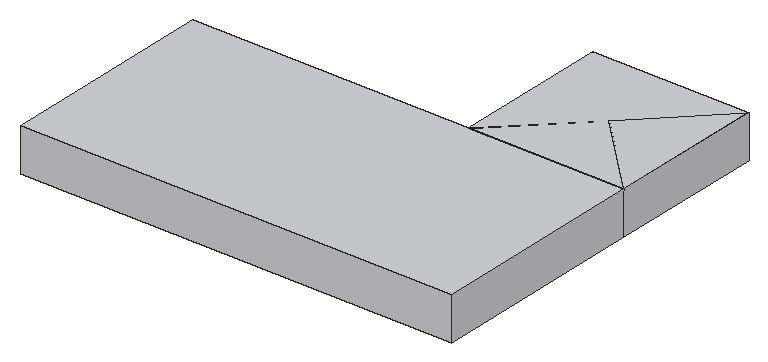
Revit family "電線管用ファミリ(片側のみ)_35", category Electrical Fixtures, Revit 2022
Family settings
  Round Connector Dimension = Use Diameter
  Part Type = Normal
  OmniClass Number = 23.80.00.00
  OmniClass Title = Electric Power and Lighting
  Work Plane-Based = No
  Always vertical = Yes
  Cut with Voids When Loaded = No
  Maintain Annotation Orientation = No
  Shared = No
  Room Calculation Point = No
Parameters
  コネクタ直径 [instance] = 16 mm
  W [instance] = 500 mm
  Default Elevation = 0 mm
  D [instance] = 250 mm
Reference planes
  plane 1 "Center (Front/Back)": y = 0
  plane 2: z = 0
  plane 3 "Center (Left/Right)": x = 0
  plane 4: x = -250
  plane 5: x = 250
  plane 6: y = 125
  plane 7: y = -125
  plane 8: z = 50
  plane 9: y = 305
  plane 10: x = 70
  plane 11: y = 215
  plane 12: x = 160
Forms (mm)
  Extrusion 1, solid
    sketch origin (0, 0, 0) x (1, 0, 0) y (0, 1, 0)
      loop
        line (-250, 125) -> (-250, -125) -> (250, -125) -> (250, 125) -> (-250, 125)
    from 0 to 50
  Extrusion 2, solid
    sketch origin (0, 0, 0) x (1, 0, 0) y (0, 1, 0)
      loop
        line (70, 305) -> (70, 125) -> (250, 125) -> (250, 305) -> (70, 305)
    from 0 to 50
  Extrusion 3, solid
    sketch origin (0, 0, 0) x (1, 0, 0) y (0, 1, 0)
      loop
        line (70, 305) -> (70, 125) -> (160, 215) -> (70, 305)
    from 0 to 50
  Extrusion 4, solid
    sketch origin (0, 0, 0) x (1, 0, 0) y (0, 1, 0)
      loop
        line (250, 305) -> (160, 215) -> (250, 125) -> (250, 305)
    from 0 to 50
Dimensions and locks
  equal spacing: plane 4, plane 3 "Center (Left/Right)", plane 5
  "W": plane 4 to plane 5
  equal spacing: plane 6, plane 1 "Center (Front/Back)", plane 7
  "D": plane 6 to plane 7
  plane 9 to plane 6 = 180 mm
  plane 10 to plane 5 = 180 mm
  aligned and locked: level to plane 2
  aligned and locked: plane 8 to Extrusion 1
  aligned and locked: plane 8 to Extrusion 3
  aligned and locked: plane 8 to Extrusion 4
Automatic sketch dimensions
  Extrusion 1 sketch curve to plane 4 = 0 mm
  Extrusion 1 sketch curve to plane 5 = 0 mm
  Extrusion 1 sketch curve to plane 7 = 0 mm
  Extrusion 1 sketch curve to plane 6 = 0 mm
  Extrusion 2 sketch curve to plane 6 = 0 mm
  Extrusion 2 sketch curve to plane 10 = 0 mm
  Extrusion 2 sketch curve to plane 5 = 0 mm
  Extrusion 2 sketch curve to plane 9 = 0 mm
  Extrusion 3 sketch curve to plane 10 = 0 mm
  Extrusion 3 sketch curve to plane 9 = 0 mm
  Extrusion 3 sketch curve to plane 6 = 0 mm
  Extrusion 3 sketch curve to plane 11 = 0 mm
  Extrusion 4 sketch curve to plane 11 = 0 mm
  Extrusion 4 sketch curve to plane 12 = 0 mm
  Extrusion 4 sketch curve to plane 5 = 0 mm
  Extrusion 4 sketch curve to plane 9 = 0 mm
Connectors
  cabletrayconduit at (0, 0, 50), diameter 16
    settings: on Extrusion 1, index 1, connector width 300 mm, connector height 300 mm, connector angle 0.00°, system type 32, placement type 0, profile type 0, connector reference index -1, is primary connector yes, connector utility param no, connector description ""
